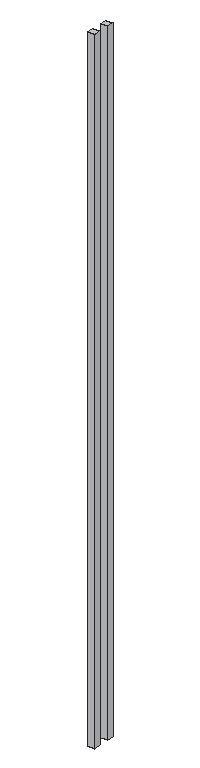
Revit family "9491f3d7ac9f48c9901b1aa9df4cf4af", category Generic Models, Revit 2021
Family settings
  Can host rebar = No
  Round Connector Dimension = Use Diameter
  Part Type = Normal
  Work Plane-Based = No
  Always vertical = Yes
  Cut with Voids When Loaded = No
  Shared = Yes
  Room Calculation Point = No
Parameters
  Width [instance] = 4' - 0"
  Thickness = 0' - 0 1/2"
  Height [instance] = 4' - 0"
  Interior Material [instance] = none
  Exterior Material [instance] = none
  Distance = 0' - 0 3/4"
  Default Elevation = 0' - 0"
Reference planes (in)
  plane 1 "Center (Front/Back)": y = 0
  plane 2: z = 0
  plane 3 "Center (Left/Right)": x = 0
  plane 4: z = 48
  plane 5: x = -24
  plane 6: x = 24
  plane 7: z = 24
  plane 8 "a": y = 0.375
  plane 9 "b": y = -0.375
  plane 10: y = 0.875
  plane 11: y = -0.875
  plane 12: x = -0.25
  plane 13: x = 0.25
Forms (in)
  Extrusion 1, solid, material <- "Interior Material", detail levels fine
    sketch origin (0, -0.375, 0) x (-1, 0, 0) y (0, 0, 1)
      loop
        line (-0.25, 48) -> (-0.25, 0) -> (0.25, 0) -> (0.25, 48) -> (-0.25, 48)
    from -0.5 to 0
  Extrusion 2, solid, material <- "Exterior Material", detail levels fine
    sketch origin (0, 0.375, 0) x (-1, 0, 0) y (0, 0, 1)
      loop
        line (0.25, 48) -> (-0.25, 48) -> (-0.25, 0) -> (0.25, 0) -> (0.25, 48)
    from 0 to 0.5
Lines and regions (in)
  model lines, detail levels medium
    curve 1: line (0, -0.375, 48) -> (0, -0.375, 0)
    curve 2: line (0, 0.375, 48) -> (0, 0.375, 0)
Dimensions and locks (in)
  equal spacing: plane 6, plane 3 "Center (Left/Right)", plane 5
  "Width": plane 6 to plane 5
  "Height": plane 4 to plane 2
  equal spacing: plane 4, plane 7, plane 2
  equal spacing: plane 8 "a", plane 1 "Center (Front/Back)", plane 9 "b"
  "Distance": plane 8 "a" to plane 9 "b"
  locked: plane 3 "Center (Left/Right)" to Extrusion 1 sketch curve at 0.25  (x2)
  "Thickness": plane 10 to plane 8 "a"
  "Thickness": plane 9 "b" to plane 11
  equal spacing: plane 12, plane 3 "Center (Left/Right)", plane 13
  locked: plane 12 to plane 13 at 0.5
  aligned and locked: plane 2 to level
  aligned and locked: plane 4 to curve 1
  aligned and locked: plane 2 to curve 1
  aligned and locked: Extrusion 1 sketch curve to plane 4
  aligned and locked: Extrusion 1 sketch curve to level
  aligned and locked: plane 11 to Extrusion 1
  aligned and locked: plane 9 "b" to Extrusion 1
  aligned and locked: Extrusion 2 sketch curve to Extrusion 1  (x4)
  aligned and locked: Extrusion 2 to plane 10
  aligned and locked: level to curve 2
  aligned and locked: curve 2 to plane 3 "Center (Left/Right)"
  aligned and locked: plane 4 to curve 2
Automatic sketch dimensions
  curve 1 to plane 3 "Center (Left/Right)" = 0' - 0"
